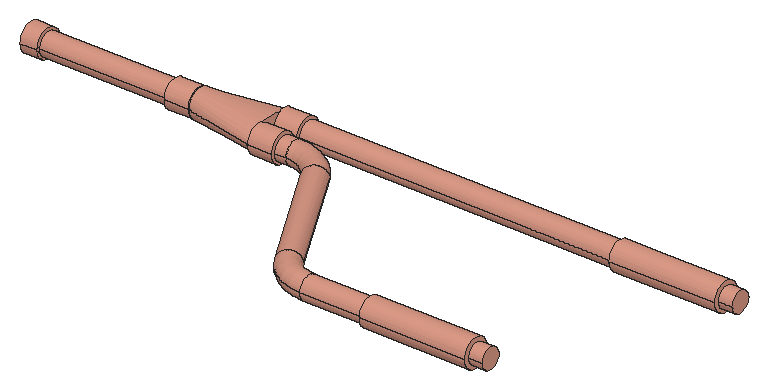
Revit family "outputfile", category 配管付属品, Revit 2024
Family settings
  丸型コネクタ寸法 = 半径を使用
  パーツ タイプ = 標準
  OmniClass 番号 = 23.65.55.00
  OmniClass タイトル = Distribution of Supplied Liquids/Gases
  作業面ベース = いいえ
  常に垂直 = はい
  ロード時にボイドで切り取り = いいえ
  共有 = いいえ
Parameters (values of type "KHRP26A22T")
  Description = ""
  製造元 = "Daikin"
  書き出し IFC クラス(タイプ) = "IfcPipeFittingType"
  定義済み IFC タイプ(タイプ) = "JUNCTION"
  Cost = 0
  Type Comments = ""
  Keynote = ""
  Type Image = (empty or 0)
  Assembly Code = ""
  mm⇔inch [instance] = yes
  l_InletPipe4 = 10.0 mm
  built-in parameter 1114242 [instance] = (empty or 0)
  Default Elevation = 0.0 mm
  モデル = "KHRP26A22T"
  table_StraightPipe [instance] = if(mm⇔inch, "Refnet Joint_KHRP26A-T_Liquid_StraightPipe", "Refnet Joint_KHRP26A-T_Liquid_StraightPipe_inch")  # "Refnet Joint_KHRP26A-T_Liquid_StraightPipe"
  table_BranchPipe [instance] = if(mm⇔inch, "Refnet Joint_KHRP26A-T_Liquid_BranchPipe", "Refnet Joint_KHRP26A-T_Liquid_BranchPipe_inch")  # "Refnet Joint_KHRP26A-T_Liquid_BranchPipe"
  table_Inlet [instance] = if(mm⇔inch, "Refnet Joint_KHRP26A-T_Liquid_Inlet", "Refnet Joint_KHRP26A-T_Liquid_Inlet_inch")  # "Refnet Joint_KHRP26A-T_Liquid_Inlet"
  switch_StraightPipe_Reducer [instance] = if(Is_StraightPipe Reducer = 1, 1 = 1, 1 = 0)  # no
  switch_StraightPipe3 [instance] = if(number_StraightPipe = 3, 1 = 1, 1 = 0)  # no
  switch_StraightPipe2 [instance] = if(number_StraightPipe < 2, 1 = 0, 1 = 1)  # yes
  switch_BranchPipe_Reducer [instance] = if(Is_BranchPipe Reducer = 1, 1 = 1, 1 = 0)  # no
  switch_BranchPipe3 [instance] = if(number_BranchPipe = 3, 1 = 1, 1 = 0)  # no
  switch_BranchPipe2 [instance] = if(number_BranchPipe < 2, 1 = 0, 1 = 1)  # yes
  switch_Inlet pipe_Reducer [instance] = if(Is_Inlet Reducer = 1, 1 = 1, 1 = 0)  # no
  switch_Inlet pipe3 [instance] = if(number_InletPipe = 3, 1 = 1, 1 = 0)  # no
  switch_Inlet pipe2 [instance] = if(number_InletPipe < 2, 1 = 0, 1 = 1)  # no
  Uniclass2015Version = "Products v1.31"
  Uniclass2015Title = "Copper pipe fittings"
  Uniclass2015Code = "Pr_65_52_63_18"
  URL = ""
  StraightPipe_Liquid_ActualDiameter [instance] = 6.4 mm
  Material_Piping = DAIKIN_Copper_Pipe
  Material_Insulation = DAIKIN_White_Insulation
  lw_Insulation [instance] = size_lookup(table_Inlet, "lw_Insulation", 38.0 mm, モデル)  # 38.0 mm
  Unit Type = "KHRP26A-T_Liquid"
  Tag No. [instance] = ""
  StraightPipe_Liquid_Status [instance] = size_lookup(table_StraightPipe, "Information", "The connected pipe size is not available.", モデル, StraightPipe_Liquid_ActualDiameter)  # "Default connector size is used."
  Link_Nested Family [instance] = ""
  Inlet_Liquid_Actual Diameter [instance] = 9.5 mm
  IfcVersion = ""
  IfcExportType = "JUNCTION"
  IfcExportAs = "IfcPipeFittingType"
  BranchPipe_Liquid_Status [instance] = size_lookup(table_BranchPipe, "Information", "The connected pipe size is not available.", モデル, BranchPipe_Liquid_ActualDiameter)  # "Default connector size is used."
  Inlet_Liquid_Status [instance] = size_lookup(table_Inlet, "Information", "The connected pipe size is not available.", モデル, Inlet_Liquid_Actual Diameter)  # "Default connector size is used."
  Series = "Refnet Joint"
  O.R_dividePipe_Inlet [instance] = (I.D_InletPipe1 + 2.0 mm) / 2  # 5.75 mm
  r_StraightPipe_Connector [instance] = StraightPipe_Liquid_ActualDiameter / 2  # 3.2 mm
  r_BranchPipe_Connector [instance] = BranchPipe_Liquid_ActualDiameter / 2  # 3.2 mm
  r_Inlet_Connector [instance] = Inlet_Liquid_Actual Diameter / 2  # 4.75 mm
  number_StraightPipe [instance] = size_lookup(table_StraightPipe, "pipeNumber", 2, モデル, StraightPipe_Liquid_ActualDiameter)  # 2
  number_BranchPipe [instance] = size_lookup(table_BranchPipe, "pipeNumber", 2, モデル, BranchPipe_Liquid_ActualDiameter)  # 2
  number_InletPipe [instance] = size_lookup(table_Inlet, "pipeNumber", 1, モデル, Inlet_Liquid_Actual Diameter)  # 1
  r_BranchPipeR [instance] = size_lookup(table_BranchPipe, "r_offsetPipeR", 18.0 mm, モデル, BranchPipe_Liquid_ActualDiameter)  # 18.0 mm
  l_BranchPipe_Straight2 [instance] = size_lookup(table_BranchPipe, "L_offsetPipe2", 25.5 mm, モデル)  # 25.5 mm
  l_BranchPipe_Straight1 [instance] = size_lookup(table_BranchPipe, "L_offsetPipe1", 5.0 mm, モデル)  # 5.0 mm
  l_BranchPipe connector [instance] = size_lookup(table_BranchPipe, "Length", 150.0 mm, モデル, BranchPipe_Liquid_ActualDiameter)  # 150.0 mm
  l_inlet connector [instance] = size_lookup(table_Inlet, "Length", 70.0 mm, モデル, Inlet_Liquid_Actual Diameter)  # 70.0 mm
  l_dividePipe [instance] = size_lookup(table_Inlet, "L_devidePipe", 30.0 mm, モデル)  # 30.0 mm
  l_StraightPipeReducer [instance] = size_lookup(table_StraightPipe, "L_Reducer", 80.0 mm, モデル, StraightPipe_Liquid_ActualDiameter)  # 80.0 mm
  l_StraightPipe3 [instance] = size_lookup(table_StraightPipe, "L_Pipe3", 2.0 mm, モデル)  # 2.0 mm
  l_StraightPipe2 [instance] = size_lookup(table_StraightPipe, "L_Pipe2", 6.0 mm, モデル)  # 6.0 mm
  l_StraightPipe1 [instance] = size_lookup(table_StraightPipe, "L_Pipe1", 44.0 mm, モデル)  # 44.0 mm
  l_StraightPipe0 [instance] = size_lookup(table_StraightPipe, "L_Pipe0", 130.0 mm, モデル)  # 130.0 mm
  l_StraightPipe connector [instance] = size_lookup(table_StraightPipe, "Length", 190.0 mm, モデル, StraightPipe_Liquid_ActualDiameter)  # 190.0 mm
  l_BranchPipe Reducer [instance] = size_lookup(table_BranchPipe, "L_Reducer", 50.0 mm, モデル, BranchPipe_Liquid_ActualDiameter)  # 50.0 mm
  l_BranchPipe3 [instance] = size_lookup(table_BranchPipe, "L_Pipe3", 2.0 mm, モデル)  # 2.0 mm
  l_BranchPipe2 [instance] = size_lookup(table_BranchPipe, "L_Pipe2", 6.0 mm, モデル)  # 6.0 mm
  l_BranchPipe1 [instance] = size_lookup(table_BranchPipe, "L_Pipe1", 44.0 mm, モデル)  # 44.0 mm
  l_BranchPipe0 [instance] = size_lookup(table_BranchPipe, "L_Pipe0", 90.0 mm, モデル)  # 90.0 mm
  l_InletReducer [instance] = size_lookup(table_Inlet, "L_Reducer", 80.0 mm, モデル, Inlet_Liquid_Actual Diameter)  # 80.0 mm
  l_InletPipe3 [instance] = size_lookup(table_Inlet, "L_Pipe3", 2.0 mm, モデル)  # 2.0 mm
  l_InletPipe2 [instance] = size_lookup(table_Inlet, "L_Pipe2", 2.0 mm, モデル)  # 2.0 mm
  l_InletPipe1 [instance] = size_lookup(table_Inlet, "L_Pipe1", 7.0 mm, モデル)  # 7.0 mm
  l_InletPipe0 [instance] = size_lookup(table_Inlet, "L_Pipe0", 53.0 mm, モデル)  # 53.0 mm
  center_StraightPipe [instance] = size_lookup(table_StraightPipe, "center_Pipe", 6.5 mm, モデル)  # 6.5 mm
  center_BranchPipe2 [instance] = size_lookup(table_BranchPipe, "center_OffsetPipe", 73.5 mm, モデル)  # 73.5 mm
  center_BranchPipe1 [instance] = size_lookup(table_BranchPipe, "center_Pipe", 6.5 mm, モデル)  # 6.5 mm
  StraightPipe_Liquid_AvailableDiameter [instance] = size_lookup(table_StraightPipe, "sizeVariation", "", モデル)  # "6.4/9.5mm"
  BranchPipe_Liquid_AvailableDiameter [instance] = size_lookup(table_BranchPipe, "sizeVariation", "", モデル)  # "6.4/9.5mm"
  Inlet_Liquid_Available Diameter [instance] = size_lookup(table_Inlet, "sizeVariation", "", モデル)  # "9.5mm"
  O.D_StraightPipe Reducer [instance] = size_lookup(table_StraightPipe, "O.D_reducer", 2.0 mm, モデル, StraightPipe_Liquid_ActualDiameter)  # 2.0 mm
  O.D_Offset Outlet Reducer [instance] = size_lookup(table_BranchPipe, "O.D_reducer", 2.0 mm, モデル, BranchPipe_Liquid_ActualDiameter)  # 2.0 mm
  O.D_Inlet Reducer [instance] = size_lookup(table_Inlet, "O.D_reducer", 2.0 mm, モデル, Inlet_Liquid_Actual Diameter)  # 2.0 mm
  Is_StraightPipe Reducer [instance] = size_lookup(table_StraightPipe, "IsReducer", 0, モデル, StraightPipe_Liquid_ActualDiameter)  # 0
  Is_BranchPipe Reducer [instance] = size_lookup(table_BranchPipe, "IsReducer", 0, モデル, BranchPipe_Liquid_ActualDiameter)  # 0
  Is_Inlet Reducer [instance] = size_lookup(table_Inlet, "IsReducer", 0, モデル, Inlet_Liquid_Actual Diameter)  # 0
  BranchPipe_Liquid_ActualDiameter [instance] = 6.4 mm
  Attach_Insulation [instance] = no
  I.D_StraightPipe3 [instance] = size_lookup(table_StraightPipe, "I.D_PipeSize3", 2.0 mm, モデル)  # 2.0 mm
  I.D_StraightPipe2 [instance] = size_lookup(table_StraightPipe, "I.D_PipeSize2", 6.4 mm, モデル)  # 6.4 mm
  I.D_StraightPipe1 [instance] = size_lookup(table_StraightPipe, "I.D_PipeSize1", 9.5 mm, モデル)  # 9.5 mm
  I.D_StraightPipe0 [instance] = size_lookup(table_StraightPipe, "I.D_PipeSize0", 7.5 mm, モデル)  # 7.5 mm
  I.D_BranchPipe3 [instance] = size_lookup(table_BranchPipe, "I.D_PipeSize3", 2.0 mm, モデル)  # 2.0 mm
  I.D_BranchPipe2 [instance] = size_lookup(table_BranchPipe, "I.D_PipeSize2", 6.4 mm, モデル)  # 6.4 mm
  I.D_BranchPipe1 [instance] = size_lookup(table_BranchPipe, "I.D_PipeSize1", 9.5 mm, モデル)  # 9.5 mm
  I.D_BranchPipe0 [instance] = size_lookup(table_BranchPipe, "I.D_PipeSize0", 7.5 mm, モデル)  # 7.5 mm
  I.D_Straight Reducer [instance] = size_lookup(table_StraightPipe, "I.D_reducer", 2.0 mm, モデル, StraightPipe_Liquid_ActualDiameter)  # 2.0 mm
  I.D_OutletPipe [instance] = size_lookup(table_Inlet, "I.D_OutletPipeSize", 9.6 mm, モデル, Inlet_Liquid_Actual Diameter)  # 9.6 mm
  I.D_Branch Reducer [instance] = size_lookup(table_BranchPipe, "I.D_reducer", 2.0 mm, モデル, BranchPipe_Liquid_ActualDiameter)  # 2.0 mm
  I.D_Inlet Reducer [instance] = size_lookup(table_Inlet, "I.D_reducer", 2.0 mm, モデル, Inlet_Liquid_Actual Diameter)  # 2.0 mm
  I.D_InletPipe3 [instance] = size_lookup(table_Inlet, "I.D_PipeSize3", 2.0 mm, モデル)  # 2.0 mm
  I.D_InletPipe2 [instance] = size_lookup(table_Inlet, "I.D_PipeSize2", 2.0 mm, モデル)  # 2.0 mm
  I.D_InletPipe1 [instance] = size_lookup(table_Inlet, "I.D_PipeSize1", 9.5 mm, モデル)  # 9.5 mm
  I.D_InletPipe0 [instance] = size_lookup(table_Inlet, "I.D_PipeSize0", 7.5 mm, モデル)  # 7.5 mm
Reference planes
  plane 1 "Center (Front/Back)": y = 0
  plane 2: z = 0
  plane 3 "base_left": x = 0
  plane 4: x = 2
  plane 5: x = 4
  plane 6: x = 11
  plane 7: x = 64
  plane 8: x = 74
  plane 9: x = 104
  plane 10: x = 114
  plane 11 "center_straight outlet": y = 6.5
  plane 12 "center2_offset outlet": y = -73.5
  plane 13 "center1_offset outlet": y = -6.5
  plane 14: x = 244
  plane 15: x = 288
  plane 16: x = 294
  plane 17: x = 204
  plane 18: x = 248
  plane 19: x = 254
  plane 20: x = 296
  plane 21: x = 256
  plane 22 "Reducer_straightoutlet": x = 254
  plane 23: x = 294
  plane 24: y = -12.25
  plane 25: z = 5.75
  plane 26 "Inlet_connector": x = 4
  plane 27 "Left_Insulation": x = 36
Forms (mm)
  SweptBlend 1, solid, material "DAIKIN_Copper_Pipe" <- "Material_Piping"
    path origin (0, 0, 0) x (1, 0, 0) y (0, 1, 0)
      loop
        line (74, 0) -> (104, 0)
    profile origin (74, 0, 0) x (0, 1, 0) y (0, 0, 1)
      loop
        circle (0, 0) r 5.75
    end profile origin (104, 0, 0) x (0, 1, 0) y (0, 0, 1)
      loop
        spline (-12.25, 0) -> (-11.833, -1.488) -> (-10.609, -2.875) -> (-8.662, -4.066) -> (-6.125, -4.98) -> (-3.171, -5.554) -> (0, -5.75) -> (3.171, -5.554) -> (6.125, -4.98) -> (8.662, -4.066) -> (10.609, -2.875) -> (11.833, -1.488) -> (12.25, 0)
        spline (12.25, 0) -> (11.833, 1.488) -> (10.609, 2.875) -> (8.662, 4.066) -> (6.125, 4.98) -> (3.171, 5.554) -> (0, 5.75) -> (-3.171, 5.554) -> (-6.125, 4.98) -> (-8.662, 4.066) -> (-10.609, 2.875) -> (-11.833, 1.488) -> (-12.25, 0)
Dimensions and locks
  "l_InletPipe3": plane 3 "base_left" to plane 4
  "l_InletPipe2": plane 4 to plane 5
  "l_InletPipe1": plane 5 to plane 6
  "l_InletPipe0": plane 6 to plane 7
  "l_InletPipe4": plane 7 to plane 8
  "center_StraightPipe": plane 1 "Center (Front/Back)" to plane 11 "center_straight outlet"
  "center_BranchPipe2": plane 12 "center2_offset outlet" to plane 1 "Center (Front/Back)"
  "center_BranchPipe1": plane 13 "center1_offset outlet" to plane 1 "Center (Front/Back)"
  "l_dividePipe": plane 8 to plane 9
  plane 9 to plane 10 = 10.0 mm
  "l_StraightPipe0": plane 10 to plane 14
  "l_BranchPipe0": plane 10 to plane 17
  "l_BranchPipe1": plane 17 to plane 18
  "l_BranchPipe2": plane 18 to plane 19
  "l_StraightPipe1": plane 14 to plane 15
  "l_StraightPipe2": plane 15 to plane 16
  "l_StraightPipe3": plane 16 to plane 20
  "l_BranchPipe3": plane 19 to plane 21
  "l_BranchPipe connector": plane 9 to plane 22 "Reducer_straightoutlet"
  "l_StraightPipe connector": plane 9 to plane 23
  "O.R_dividePipe_Inlet": plane 24 to plane 13 "center1_offset outlet"
  "O.R_dividePipe_Inlet": plane 25 to plane 2
  "l_inlet connector": plane 26 "Inlet_connector" to plane 8
  "lw_Insulation": plane 27 "Left_Insulation" to plane 8
  "O.R_dividePipe_Inlet": radius of SweptBlend 1 sketch curve
  aligned and locked: level to plane 2
  aligned and locked: plane 2 to nested 1
  aligned and locked: plane 3 "base_left" to nested 1
  aligned and locked: plane 1 "Center (Front/Back)" to nested 1
  aligned and locked: plane 4 to nested 2
  aligned and locked: plane 1 "Center (Front/Back)" to nested 2
  aligned and locked: plane 5 to nested 2
  aligned and locked: plane 5 to nested 3
  aligned and locked: plane 6 to nested 3
  aligned and locked: plane 6 to nested 4
  aligned and locked: nested 4 to plane 7
  aligned and locked: nested 5 to plane 7
  aligned and locked: nested 5 to plane 8
  aligned and locked: plane 8 to SweptBlend 1 sketch curve
  aligned and locked: plane 9 to SweptBlend 1 sketch curve
  aligned and locked: plane 2 to SweptBlend 1 sketch curve  (x2)
  aligned and locked: plane 1 "Center (Front/Back)" to SweptBlend 1 sketch curve  (x2)
  aligned and locked: nested 6 to plane 9
  aligned and locked: nested 7 to plane 9
  aligned and locked: nested 6 to plane 11 "center_straight outlet"
  aligned and locked: nested 7 to plane 13 "center1_offset outlet"
  aligned and locked: nested 7 to plane 10
  aligned and locked: nested 6 to plane 10
  aligned and locked: nested 8 to plane 10
  aligned and locked: plane 14 to nested 8
  aligned and locked: nested 8 to plane 11 "center_straight outlet"
  aligned and locked: plane 14 to nested 9
  aligned and locked: nested 9 to plane 11 "center_straight outlet"
  aligned and locked: plane 15 to nested 9
  aligned and locked: nested 10 to plane 11 "center_straight outlet"
  aligned and locked: plane 15 to nested 10
  aligned and locked: plane 16 to nested 10
  aligned and locked: nested 11 to plane 12 "center2_offset outlet"
  aligned and locked: plane 17 to nested 11
  aligned and locked: plane 18 to nested 11
  aligned and locked: nested 12 to plane 12 "center2_offset outlet"
  aligned and locked: plane 18 to nested 12
  aligned and locked: plane 19 to nested 12
  aligned and locked: nested 13 to plane 10
  aligned and locked: nested 13 to plane 13 "center1_offset outlet"
  aligned and locked: nested 13 to plane 12 "center2_offset outlet"
  aligned and locked: plane 8 to nested 14
  aligned and locked: plane 1 "Center (Front/Back)" to nested 14
  aligned and locked: plane 11 "center_straight outlet" to nested 15
  aligned and locked: nested 15 to plane 9
  aligned and locked: nested 16 to plane 9
  aligned and locked: plane 12 "center2_offset outlet" to nested 16
  aligned and locked: nested 17 to plane 1 "Center (Front/Back)"
  aligned and locked: plane 16 to nested 18
  aligned and locked: plane 20 to nested 18
  aligned and locked: plane 19 to nested 19
  aligned and locked: plane 21 to nested 19
  aligned and locked: nested 20 to plane 12 "center2_offset outlet"
  aligned and locked: plane 23 to nested 21
  aligned and locked: nested 21 to plane 11 "center_straight outlet"
  aligned and locked: plane 4 to nested 1
  aligned and locked: plane 24 to SweptBlend 1 sketch curve
  aligned and locked: plane 25 to SweptBlend 1 sketch curve
  aligned and locked: nested 19 to plane 12 "center2_offset outlet"
  aligned and locked: nested 18 to plane 11 "center_straight outlet"
  aligned and locked: nested 17 to plane 26 "Inlet_connector"
  aligned and locked: plane 22 "Reducer_straightoutlet" to nested 20
  aligned and locked: plane 27 "Left_Insulation" to nested 22
  aligned and locked: plane 1 "Center (Front/Back)" to nested 22
Automatic sketch dimensions
  plane 1 "Center (Front/Back)" to SweptBlend 1 sketch curve = 0.0 mm
Nested families
  nested 1: "daikin_Pipe" at (1, 0, 0), I.D_Pipe <- "I.D_InletPipe3", display <- "switch_Inlet pipe3", type "*"
    with length_Pipe 2.0 mm, display no, O.D_Pipe 4.0 mm, I.D_Pipe 2.0 mm
  nested 2: "daikin_Pipe" at (3, 0, 0), I.D_Pipe <- "I.D_InletPipe2", display <- "switch_Inlet pipe2", type "*"
    with length_Pipe 2.0 mm, display no, O.D_Pipe 4.0 mm, I.D_Pipe 2.0 mm
  nested 3: "daikin_Pipe" at (7.5, 0, 0), I.D_Pipe <- "I.D_InletPipe1", type "*"
    with length_Pipe 7.0 mm, display yes, O.D_Pipe 11.5 mm, I.D_Pipe 9.5 mm
  nested 4: "daikin_Pipe" at (37.5, 0, 0), I.D_Pipe <- "I.D_InletPipe0", type "*"
    with length_Pipe 53.0 mm, display yes, O.D_Pipe 9.5 mm, I.D_Pipe 7.5 mm
  nested 5: "daikin_Pipe" at (69, 0, 0), I.D_Pipe <- "I.D_InletPipe1", type "*"
    with length_Pipe 10.0 mm, display yes, O.D_Pipe 11.5 mm, I.D_Pipe 9.5 mm
  nested 6: "daikin_Pipe" at (109, 6.5, 0), I.D_Pipe <- "I.D_OutletPipe", type "*"
    with length_Pipe 10.0 mm, display yes, O.D_Pipe 11.6 mm, I.D_Pipe 9.6 mm
  nested 7: "daikin_Pipe" at (109, -6.5, 0), I.D_Pipe <- "I.D_OutletPipe", type "*"
    with length_Pipe 10.0 mm, display yes, O.D_Pipe 11.6 mm, I.D_Pipe 9.6 mm
  nested 8: "daikin_Pipe" at (179, 6.5, 0), I.D_Pipe <- "I.D_StraightPipe0", type "*"
    with length_Pipe 130.0 mm, display yes, O.D_Pipe 9.5 mm, I.D_Pipe 7.5 mm
  nested 9: "daikin_Pipe" at (266, 6.5, 0), I.D_Pipe <- "I.D_StraightPipe1", type "*"
    with length_Pipe 44.0 mm, display yes, O.D_Pipe 11.5 mm, I.D_Pipe 9.5 mm
  nested 10: "daikin_Pipe" at (291, 6.5, 0), I.D_Pipe <- "I.D_StraightPipe2", display <- "switch_StraightPipe2", type "*"
    with length_Pipe 6.0 mm, display yes, O.D_Pipe 8.4 mm, I.D_Pipe 6.4 mm
  nested 11: "daikin_Pipe" at (226, -73.5, 0), I.D_Pipe <- "I.D_BranchPipe1", type "*"
    with length_Pipe 44.0 mm, display yes, O.D_Pipe 11.5 mm, I.D_Pipe 9.5 mm
  nested 12: "daikin_Pipe" at (251, -73.5, 0), I.D_Pipe <- "I.D_BranchPipe2", display <- "switch_BranchPipe2", type "*"
    with length_Pipe 6.0 mm, display yes, O.D_Pipe 8.4 mm, I.D_Pipe 6.4 mm
  nested 13: "daikin_Pipe Ofsset" at (114, -6.5, 0), I.D_Pipe size <- "I.D_BranchPipe0", length_straight pipe1 <- "l_BranchPipe_Straight1", length_straight pipe2 <- "l_BranchPipe_Straight2", r_Pipe R <- "r_BranchPipeR", length_Pipe <- "l_BranchPipe0", type "*"
    with r_Pipe R 18.0 mm, length_straight pipe2 25.5 mm, length_straight pipe1 5.0 mm, length_offset center 67.0 mm, length_Pipe 90.0 mm, O.D_Pipe size 9.5 mm, I.D_Pipe size 7.5 mm
  nested 14: "daikin_connector_rotate2" at (74, 0, 0) x (0, -1, 0) z (0, 0, 1), length <- "l_inlet connector", type "daikin_connector_rotate2"
    with radius 5.0 mm, length 70.0 mm, angle_vertical 90.00°, locaton_mark no
  nested 15: "daikin_connector_rotate2" at (104, 6.5, 0) x (0, 1, 0) z (0, 0, 1), length <- "l_StraightPipe connector", type "daikin_connector_rotate2"
    with radius 5.0 mm, length 190.0 mm, angle_vertical 90.00°, locaton_mark no
  nested 16: "daikin_connector_rotate2" at (104, -73.5, 0) x (0, 1, 0) z (0, 0, 1), length <- "l_BranchPipe connector", type "daikin_connector_rotate2"
    with radius 5.0 mm, length 150.0 mm, angle_vertical 90.00°, locaton_mark no
  nested 17: "daikin_Pipe_reducer" at (44, 0, 0) x (-1, 0, 0) z (0, 0, 1), display <- "switch_Inlet pipe_Reducer", length_Pipe <- "l_InletReducer", I.D_Pipe1 <- "I.D_Inlet Reducer", O.D_Pipe2 <- "O.D_Inlet Reducer", type "*"
    with length_Pipe 80.0 mm, display no, O.D_Pipe2 2.0 mm, O.D_Pipe1 4.0 mm, I.D_Pipe2 0.0 mm, I.D_Pipe1 2.0 mm
  nested 18: "daikin_Pipe" at (295, 6.5, 0), I.D_Pipe <- "I.D_StraightPipe3", display <- "switch_StraightPipe3", type "*"
    with length_Pipe 2.0 mm, display no, O.D_Pipe 4.0 mm, I.D_Pipe 2.0 mm
  nested 19: "daikin_Pipe" at (255, -73.5, 0), I.D_Pipe <- "I.D_BranchPipe3", display <- "switch_BranchPipe3", type "*"
    with length_Pipe 2.0 mm, display no, O.D_Pipe 4.0 mm, I.D_Pipe 2.0 mm
  nested 20: "daikin_Pipe_reducer" at (229, -73.5, 0), I.D_Pipe1 <- "I.D_Branch Reducer", O.D_Pipe2 <- "O.D_Offset Outlet Reducer", length_Pipe <- "l_BranchPipe Reducer", display <- "switch_BranchPipe_Reducer", type "*"
    with length_Pipe 50.0 mm, display no, O.D_Pipe2 2.0 mm, O.D_Pipe1 4.0 mm, I.D_Pipe2 0.0 mm, I.D_Pipe1 2.0 mm
  nested 21: "daikin_Pipe_reducer" at (254, 6.5, 0), I.D_Pipe1 <- "I.D_Straight Reducer", O.D_Pipe2 <- "O.D_StraightPipe Reducer", length_Pipe <- "l_StraightPipeReducer", display <- "switch_StraightPipe_Reducer", type "*"
    with length_Pipe 80.0 mm, display no, O.D_Pipe2 2.0 mm, O.D_Pipe1 4.0 mm, I.D_Pipe2 0.0 mm, I.D_Pipe1 2.0 mm
  nested 22: "daikin_Insulation_RefnetJoint" at (36, 0, 0), I.D_Outlet PipeSize <- "I.D_OutletPipe", type "*"
    with h 41.6 mm, I.D_Outlet PipeSize 9.6 mm, d_Insulation3_3 64.0 mm, d_Insulation2_2 30.0 mm, d_Insulation1_1 22.0 mm, w_Insulation5 153.0 mm, w_Insulation4 48.6 mm, w_Insulation3 22.3 mm, w_Insulation2 37.5 mm, w_Insulation1 1.0 mm, display no, d_Insulation3 63.0 mm, d_Insulation2 32.0 mm, d_Insulation1 24.0 mm
Connectors
  piping at (4, 0, 0), diameter 9.5, driven by "r_Inlet_Connector"
    settings: on nested 14, index 1, connector inside diameter 609.6 mm, connector length 0.0 mm, flow factor 0, pipe flow 0.00 m³/h, pressure drop 0.0 Pa, fitting loss kfactor 0, connector angle 0.00°, fixture units 0, engagement length 0.0 mm, angle of deflection 0.00°, flow configuration 0, flow direction 1, fitting loss method 0, system type 29, joint type 0, gender type 0, connector reference index -1, connector utility 0, adjustable connector no, is connector primary yes, connector description "Refnet Joint_Inlet_Liquid"
  piping at (254, -73.5, 0), diameter 6.4, driven by "r_BranchPipe_Connector"
    settings: on nested 16, index 2, connector inside diameter 609.6 mm, connector length 0.0 mm, flow factor 0, pipe flow 0.00 m³/h, pressure drop 0.0 Pa, fitting loss kfactor 0, connector angle 0.00°, fixture units 0, engagement length 0.0 mm, angle of deflection 0.00°, flow configuration 0, flow direction 2, fitting loss method 0, system type 29, joint type 0, gender type 0, connector reference index -1, connector utility 0, adjustable connector no, is connector primary no, connector description "Refnet Joint_Outlet Branch_Liquid"
  piping at (294, 6.5, 0), diameter 6.4, driven by "r_StraightPipe_Connector"
    settings: on nested 15, index 3, connector inside diameter 609.6 mm, connector length 0.0 mm, flow factor 0, pipe flow 0.00 m³/h, pressure drop 0.0 Pa, fitting loss kfactor 0, connector angle 0.00°, fixture units 0, engagement length 0.0 mm, angle of deflection 0.00°, flow configuration 0, flow direction 2, fitting loss method 0, system type 29, joint type 0, gender type 0, connector reference index -1, connector utility 0, adjustable connector no, is connector primary no, connector description "Refnet Joint_Outlet Straight_Liquid"
Definition of nested family "daikin_Pipe"
  Parameters (values of type "*")
    Default Elevation = 0.0 mm
    material = none
    length_Pipe [instance] = 150.0 mm
    display [instance] = yes
    O.D_Pipe [instance] = I.D_Pipe + 2.0 mm  # 27.0 mm
    I.D_Pipe [instance] = 25.0 mm
  Reference planes
    plane 1 "Center (Front/Back)": y = 0
    plane 2 "center(vertical)": z = 0
    plane 3 "Center (Left/Right)": x = 0
    plane 4 "left": x = -75
    plane 5 "right": x = 75
  Forms (mm)
    Extrusion 1, solid, material <- "material", visible <- "display"
      sketch origin (0, 0, 0) x (0, 1, 0) y (0, 0, 1)
        loop
          circle (0, 0) r 13.5
      from -75 to 75
  Dimensions and locks
    equal spacing: plane 4 "left", plane 3 "Center (Left/Right)", plane 5 "right"
    "length_Pipe": plane 4 "left" to plane 5 "right"
    "O.D_Pipe": diameter of Extrusion 1 sketch curve
    aligned and locked: level to plane 2 "center(vertical)"
    aligned and locked: plane 2 "center(vertical)" to Extrusion 1 sketch curve
    aligned and locked: plane 1 "Center (Front/Back)" to Extrusion 1 sketch curve
    aligned and locked: plane 5 "right" to Extrusion 1
    aligned and locked: Extrusion 1 to plane 4 "left"
Definition of nested family "daikin_Pipe Ofsset"
  Parameters (values of type "*")
    Default Elevation = 0.0 mm
    r_Pipe R [instance] = 18.0 mm
    material = none
    length_straight pipe2 [instance] = 25.5 mm
    length_straight pipe1 [instance] = 5.0 mm
    length_offset center [instance] = 67.5 mm
    length_Pipe [instance] = 90.0 mm
    O.D_Pipe size [instance] = I.D_Pipe size + 2.0 mm  # 12.0 mm
    I.D_Pipe size [instance] = 10.0 mm
  Reference planes
    plane 1 "Center (Front/Back)": y = 0
    plane 2: z = 0
    plane 3 "Center (Left/Right)": x = 0
    plane 4: y = -67.5
    plane 5: x = 90
    plane 6: x = 64.5
    plane 7: x = 5
  Forms (mm)
    Sweep 1, solid, material <- "material"
      path origin (0, 0, 0) x (1, 0, 0) y (0, 1, 0)
        loop
          line (0, 0) -> (5, 0)
          arc (5, 0) -> (14.03, -2.429) -> (20.623, -9.061) r 18
          line (20.623, -9.061) -> (48.877, -58.439)
          arc (48.877, -58.439) -> (55.47, -65.071) -> (64.5, -67.5) r 18
          line (64.5, -67.5) -> (90, -67.5)
      profile origin (2.5, 0, 0) x (0, 1, 0) y (0, 0, 1)
        loop
          circle (0, 0) r 6
  Dimensions and locks
    "length_offset center": plane 4 to plane 1 "Center (Front/Back)"
    "length_straight pipe1": plane 3 "Center (Left/Right)" to plane 7
    "length_Pipe": plane 3 "Center (Left/Right)" to plane 5
    "length_straight pipe2": plane 6 to plane 5
    "O.D_Pipe size": diameter of Sweep 1 sketch curve
    "r_Pipe R": radius of Sweep 1 sketch curve  (x2)
    aligned and locked: level to plane 2
    aligned and locked: plane 1 "Center (Front/Back)" to Sweep 1 sketch curve
    aligned and locked: profile plane to Sweep 1 sketch curve
    aligned and locked: plane 5 to Sweep 1 sketch curve
    aligned and locked: plane 7 to Sweep 1 sketch curve
    aligned and locked: plane 6 to Sweep 1 sketch curve
  Automatic sketch dimensions
    plane 1 "Center (Front/Back)" to Sweep 1 sketch curve = 0.0 mm
    Sweep 1 sketch curve to plane 3 "Center (Left/Right)" = 0.0 mm
    plane 4 to Sweep 1 sketch curve = 0.0 mm
Definition of nested family "daikin_connector_rotate2"
  Parameters (values of type "daikin_connector_rotate2")
    show_face = no
    radius [instance] = 10.0 mm
    locaton_mark = yes
    length [instance] = 600.0 mm
    d_surface = 10.0 mm
    angle_vertical [instance] = 90.00°
    Default Elevation = 0.0 mm
  Reference planes
    plane 1 "Center (Front/Back)": y = 0
    plane 2: z = 0
    plane 3 "Center (Left/Right)": x = 0
  Forms (mm)
    Extrusion 1, solid, visible <- "show_face"
      sketch origin (0, -600, 0) x (1, 0, 0) y (0, 0, 1)
        loop
          circle (0, 0) r 10
      from 0 to -10
  Lines and regions (mm)
    reference lines
      curve 1: line (0, 0, 0) -> (0, -600, 0)
    symbolic lines, visible <- "locaton_mark"
      curve 2: circle (0, 0, 0) r 5 normal (0, 0, 1)
    model lines, visible <- "show_face"
      curve 3: line (0, 0, 0) -> (0, -600, 0)
  Dimensions and locks
    "length": curve 1 to curve 1
    "length": curve 3 to curve 3
    "d_surface": Extrusion 1 to Extrusion 1
    "radius": radius of Extrusion 1 sketch curve
    "angle_vertical": angle curve 1 to plane 1 "Center (Front/Back)"
    "angle_vertical": angle curve 3 to plane 1 "Center (Front/Back)"
    aligned and locked: level to plane 2
    aligned and locked: plane 1 "Center (Front/Back)" to curve 1
    aligned and locked: plane 2 to curve 1
    aligned and locked: plane 1 "Center (Front/Back)" to curve 2
    aligned and locked: plane 3 "Center (Left/Right)" to curve 2
    aligned and locked: plane 1 "Center (Front/Back)" to curve 3
    aligned and locked: plane 2 to curve 3
    aligned and locked: Extrusion 1 to Extrusion 1
  Automatic sketch dimensions
    Extrusion 1 sketch curve to level = 0.0 mm
    Extrusion 1 sketch curve to plane 3 "Center (Left/Right)" = 0.0 mm
    radius of curve 2 = 5.0 mm
Definition of nested family "daikin_Pipe_reducer"
  Parameters (values of type "*")
    Default Elevation = 0.0 mm
    material = none
    length_Pipe [instance] = 250.0 mm
    display [instance] = yes
    O.D_Pipe2 [instance] = 19.1 mm
    O.D_Pipe1 [instance] = I.D_Pipe1 + 2.0 mm  # 24.2 mm
    I.D_Pipe2 [instance] = O.D_Pipe2 - 2.0 mm  # 17.1 mm
    I.D_Pipe1 [instance] = 22.2 mm
  Reference planes
    plane 1 "Center (Front/Back)": y = 0
    plane 2 "center(vertical)": z = 0
    plane 3 "Center (Left/Right)": x = 0
    plane 4 "connection": x = -125
    plane 5 "right": x = 113
    plane 6: x = 125
  Forms (mm)
    Extrusion 1, solid, material <- "material", visible <- "display"
      sketch origin (0, 0, 0) x (0, 1, 0) y (0, 0, 1)
        loop
          circle (0, 0) r 9.55
      from -125 to 113
    Extrusion 2, solid, material <- "material", visible <- "display"
      sketch origin (0, 0, 0) x (0, 1, 0) y (0, 0, 1)
        loop
          circle (0, 0) r 12.1
      from 113 to 125
  Dimensions and locks
    locked: plane 5 "right" to plane 6 at 12
    "length_Pipe": plane 4 "connection" to plane 6
    equal spacing: plane 4 "connection", plane 3 "Center (Left/Right)", plane 6
    "O.D_Pipe2": diameter of Extrusion 1 sketch curve
    "O.D_Pipe1": diameter of Extrusion 2 sketch curve
    aligned and locked: level to plane 2 "center(vertical)"
    aligned and locked: plane 2 "center(vertical)" to Extrusion 1 sketch curve
    aligned and locked: plane 1 "Center (Front/Back)" to Extrusion 1 sketch curve
    aligned and locked: plane 5 "right" to Extrusion 1
    aligned and locked: Extrusion 1 to plane 4 "connection"
    aligned and locked: plane 2 "center(vertical)" to Extrusion 2 sketch curve
    aligned and locked: plane 1 "Center (Front/Back)" to Extrusion 2 sketch curve
    aligned and locked: Extrusion 2 to plane 5 "right"
    aligned and locked: plane 6 to Extrusion 2
Definition of nested family "daikin_Insulation_RefnetJoint"
  Parameters (values of type "*")
    d_Insulation3_3 = size_lookup(table_Insulation, "d_Insulation3_3", 131.5 mm, Model)  # 74.9 mm
    d_Insulation2_2 = size_lookup(table_Insulation, "d_Insulation2_2", 79.0 mm, Model)  # 40.2 mm
    d_Insulation1_1 = size_lookup(table_Insulation, "d_Insulation1_1", 56.0 mm, Model)  # 27.2 mm
    Default Elevation = 0.0 mm
    Model = "KHRP26A73T + KHRP26M73TP"
    w_Insulation5 = size_lookup(table_Insulation, "w_Insulation5", 212.0 mm, Model)  # 238.0 mm
    w_Insulation4 = size_lookup(table_Insulation, "w_Insulation4", 67.0 mm, Model)  # 55.9 mm
    w_Insulation3 = size_lookup(table_Insulation, "w_Insulation3", 34.7 mm, Model)  # 42.1 mm
    w_Insulation2 = size_lookup(table_Insulation, "w_Insulation2", 80.0 mm, Model)  # 71.0 mm
    w_Insulation1 = size_lookup(table_Insulation, "w_Insulation1", 22.0 mm, Model)  # 28.0 mm
    table_Insulation = "Refnet Joint_KHRP26A-T_Liquid_Insulation"  # constant formula
    material = none
    h [instance] = (I.D_Outlet PipeSize + 2.0 mm) + 30.0 mm  # 47.0 mm
    display = yes
    d_Insulation3 = size_lookup(table_Insulation, "d_Insulation3", 131.5 mm, Model)  # 68.4 mm
    d_Insulation2 = size_lookup(table_Insulation, "d_Insulation2", 79.0 mm, Model)  # 38.9 mm
    d_Insulation1 = size_lookup(table_Insulation, "d_Insulation1", 56.0 mm, Model)  # 25.8 mm
    I.D_Outlet PipeSize [instance] = 15.0 mm
  Reference planes
    plane 1 "Center (Front/Back)": y = 0
    plane 2: z = 0
    plane 3 "Left": x = 0
    plane 4 "top": z = 23.5
    plane 5 "bottom": z = -23.5
    plane 6: x = 28
    plane 7: x = 71
    plane 8: y = 27.2
    plane 9: y = -25.8
    plane 10: y = 40.2
    plane 11: y = -38.9
    plane 12: y = -103.1
    plane 13: x = 238
    plane 14: y = -34.7
    plane 15: x = 113.1
    plane 16: x = 182.1
  Forms (mm)
    Extrusion 1, solid, material <- "material", visible <- "display"
      sketch origin (6, 0, 0) x (1, 0, 0) y (0, 1, 0)
        loop
          line (22, 27.2) -> (-6, 27.2) -> (-6, -25.8) -> (22, -25.8) -> (65, -38.9) -> (107.1, -38.9) -> (176.1, -103.1) -> (232, -103.1) -> (232, -51.7) -> (222.5, -51.7)
          arc (222.5, -51.7) -> (205.5, -34.7) -> (222.5, -17.7) r 17
          line (222.5, -17.7) -> (232, -17.7) -> (232, 40.2) -> (65, 40.2) -> (22, 27.2)
      from -23.5 to 23.5
  Dimensions and locks
    equal spacing: plane 4 "top", plane 2, plane 5 "bottom"
    "h": plane 4 "top" to plane 5 "bottom"
    "w_Insulation1": plane 3 "Left" to plane 6
    "w_Insulation2": plane 3 "Left" to plane 7
    "w_Insulation5": plane 3 "Left" to plane 13
    "w_Insulation3": plane 7 to plane 15
    "w_Insulation4": plane 16 to plane 13
    "d_Insulation1": plane 1 "Center (Front/Back)" to plane 9
    "d_Insulation1_1": plane 8 to plane 1 "Center (Front/Back)"
    "d_Insulation2": plane 1 "Center (Front/Back)" to plane 11
    "d_Insulation2_2": plane 10 to plane 1 "Center (Front/Back)"
    "d_Insulation3_3": plane 10 to plane 14
    "d_Insulation3": plane 14 to plane 12
    Extrusion 1 sketch curve to plane 14 to Extrusion 1 sketch curve = 17.0 mm locked, 17.0 mm locked
    aligned and locked: level to plane 2
    aligned and locked: Extrusion 1 to plane 5 "bottom"
    aligned and locked: plane 4 "top" to Extrusion 1
    aligned and locked: plane 6 to Extrusion 1  (x2)
    aligned and locked: plane 7 to Extrusion 1  (x2)
    aligned and locked: plane 6 to Extrusion 1 sketch curve
    aligned and locked: plane 11 to Extrusion 1 sketch curve
    aligned and locked: plane 7 to Extrusion 1 sketch curve  (x2)
    aligned and locked: plane 10 to Extrusion 1 sketch curve
    aligned and locked: Extrusion 1 sketch curve to plane 12
    aligned and locked: Extrusion 1 sketch curve to plane 13  (x2)
    aligned and locked: plane 16 to Extrusion 1 sketch curve
    aligned and locked: plane 15 to Extrusion 1 sketch curve
  Automatic sketch dimensions
    Extrusion 1 sketch curve to plane 3 "Left" = 0.0 mm
    Extrusion 1 sketch curve to plane 6 = 0.0 mm
    Extrusion 1 sketch curve to plane 9 = 0.0 mm
    Extrusion 1 sketch curve to plane 8 = 0.0 mm
    Extrusion 1 sketch curve to plane 13 = 9.5 mm
